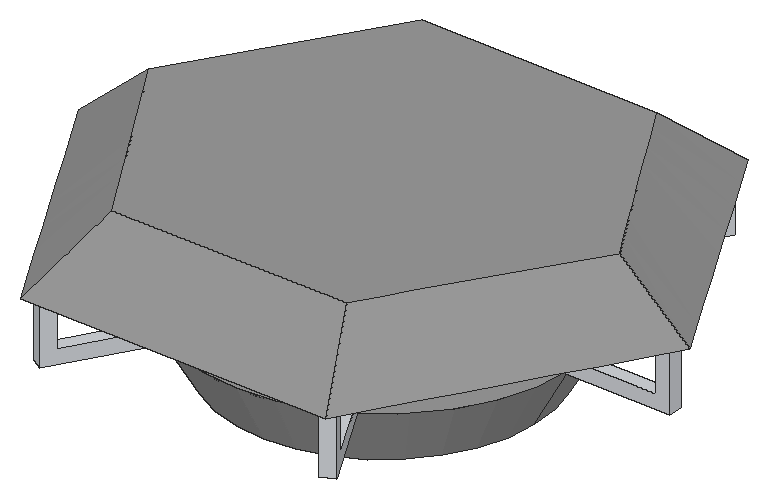
Revit family "ВЕЗА_ЗОНТ-ОСА", category Обобщенные модели, Revit 2018
Family settings
  Может служить основой для арматурных стержней = Нет
  Размер круглого соединителя = Использовать диаметр
  Тип детали = Нормальный
  На основе рабочей плоскости = Нет
  Всегда вертикально = Да
  При загрузке вырезать с полостями = Нет
  Общий = Да
  Точка расчета площади = Нет
Parameters (values of type "ЗОНТ-ОСА-040-Н")
  Ширина опоры = 20 mm  # constant formula
  Угол поворота УГО [instance] = 0.00°
  Типоразмер ОСА [instance] = ВЕЗА_Типоразмер  # 40
  Таблица_обозначение = "ЗОНТ-ОСА_обозначение"  # constant formula
  Таблица_наименование = "ЗОНТ-ОСА"  # constant formula
  Материал = ВЕЗА_Сталь
  Масштаб УГО [instance] = 100
  Manufacturer = ""
  Длина ножек [instance] = (ADSK_Размер_Ширина - D2) / 2  # 170 mm
  Высота опоры [instance] = ADSK_Размер_Высота / 3  # 86.667 mm
  ВЕЗА_Типоразмер = 40
  ВЕЗА_Контакты = "bim@veza.ru"  # constant formula
  ВЕЗА_Классификатор = "47022"  # constant formula
  URL = "http://www.veza.ru/docs/ventilyatory-osevye-osa/"
  D2 [instance] = D + 100 mm  # 530 mm
  D [instance] = size_lookup(Таблица_наименование, "D", 0 mm, ВЕЗА_Типоразмер)  # 430 mm
  ADSK_Расход воздуха [instance] = 140.0 L/s
  ADSK_Размер_Ширина [instance] = size_lookup(Таблица_наименование, "ADSK_Размер_Ширина", 0 mm, ВЕЗА_Типоразмер)  # 870 mm
  ADSK_Размер_Глубина [instance] = size_lookup(Таблица_наименование, "ADSK_Размер_Глубина", 0 mm, ВЕЗА_Типоразмер)  # 753 mm
  ADSK_Размер_Высота [instance] = size_lookup(Таблица_наименование, "ADSK_Размер_Высота", 0 mm, ВЕЗА_Типоразмер)  # 260 mm
  ADSK_Обозначение = ""
  ADSK_Наименование краткое = "ЗОНТ-ОСА"  # constant formula
  ADSK_Наименование = size_lookup(Таблица_наименование, "ADSK_Наименование", "Неопределенно", ВЕЗА_Типоразмер, ADSK_Материал наименование)  # "Защита ЗОНТ-ОСА для осевого вентилятора ОСА типоразмера 040"
  ADSK_Материал наименование = "Нержавеющая сталь"
  ADSK_Масса [instance] = size_lookup(Таблица_наименование, "ADSK_Масса", 0, ВЕЗА_Типоразмер)  # 11.2
  ADSK_Марка [instance] = size_lookup(Таблица_обозначение, "", "Неопределенно", ВЕЗА_Типоразмер, ADSK_Материал наименование)  # "ЗОНТ-ОСА-040-Н"
  ADSK_Комплект [instance] = ""
  ADSK_Количество = 1
  ADSK_Код изделия = ""
  ADSK_Завод-изготовитель = "ООО ''ВЕЗА''"  # constant formula
  ADSK_Единица измерения = "шт."  # constant formula
  ADSK_Дата изменения = "28.08.2020"  # constant formula
  ADSK_Группирование [instance] = ""
  ADSK_Версия семейства = "2.0"  # constant formula
  ADSK_Версия Revit = "Revit2018"  # constant formula
Reference planes
  plane 1 "По центру (Вперед/Назад)": y = 0
  plane 2: z = 0
  plane 3 "По центру (Влево/Вправо)": x = 0
  plane 4: z = 260
  plane 5: x = -435
  plane 6: y = 376.5
  plane 7: y = -376.5
  plane 8: x = 435
  plane 9: x = 217.5
  plane 10: x = -217.5
  plane 11: y = -188.25
  plane 12: y = 188.25
  plane 13: x = -335
  plane 14: y = -276.5
  plane 15: x = 335
  plane 16: y = 276.5
  plane 17: x = -167.5
  plane 18: x = 167.5
  plane 19: y = -138.25
  plane 20: y = 138.25
  plane 21: z = 173.333
  plane 22: z = 86.667
  plane 23: z = 106.667
  plane 24: x = -415
  plane 25: x = -395
  plane 26: x = 415
  plane 27: x = 395
  plane 28: x = -237.5
  plane 29: x = 237.5
  plane 30: y = 10
  plane 31: y = -10
  plane 32: through (0, 0, 1200) normal (-0.866, 0.5, 0)
  plane 33: through (-8.66, 5, 1200) normal (-0.866, 0.5, 0)
  plane 34: through (8.66, -5, 1200) normal (-0.866, 0.5, 0)
  plane 35: through (226.16, 371.721, 1200) normal (-0.5, -0.866, 0)
  plane 36: through (-10.588, 6.113, 1200) normal (-0.5, -0.866, 0)
  plane 37: through (-208.84, -381.721, 1200) normal (-0.5, -0.866, 0)
  plane 38: through (-198.84, -364.401, 1200) normal (-0.5, -0.866, 0)
  plane 39: through (216.16, 354.401, 1200) normal (-0.5, -0.866, 0)
  plane 40: through (-198.84, -364.401, 1200) normal (-0.5, -0.866, 0)
  plane 41: through (0, 0, 1200) normal (-0.866, -0.5, 0)
  plane 42: through (8.66, 5, 1200) normal (-0.866, -0.5, 0)
  plane 43: through (-8.66, -5, 1200) normal (-0.866, -0.5, 0)
  plane 44: through (208.84, -381.721, 1200) normal (-0.5, 0.866, 0)
  plane 45: through (198.84, -364.401, 1200) normal (-0.5, 0.866, 0)
  plane 46: through (-226.16, 371.721, 1200) normal (-0.5, 0.866, 0)
  plane 47: through (-216.16, 354.401, 1200) normal (-0.5, 0.866, 0)
  plane 48: through (10.588, 6.113, 1200) normal (-0.5, 0.866, 0)
Forms (mm)
  Blend 1, solid, material "ВЕЗА_Сталь" <- "Материал", detail levels medium+fine
    base sketch origin (0, 0, 0) x (1, 0, 0) y (0, 1, 0)
      loop
        line (217.5, 376.5) -> (-217.5, 376.5) -> (-435, 0) -> (-217.5, -376.5) -> (217.5, -376.5) -> (435, 0) -> (217.5, 376.5)
    top sketch origin (0, 0, 0) x (1, 0, 0) y (0, 1, 0)
      loop
        line (167.5, 276.5) -> (-167.5, 276.5) -> (-335, 0) -> (-167.5, -276.5) -> (167.5, -276.5) -> (335, 0) -> (167.5, 276.5)
    from 173.333 to 260
  Blend 2, solid, material "ВЕЗА_Сталь" <- "Материал", detail levels medium+fine
    base sketch origin (0, 0, 0) x (1, 0, 0) y (0, 1, 0)
      loop
        circle (0, 0) r 215
    top sketch origin (0, 0, 0) x (1, 0, 0) y (0, 1, 0)
      loop
        circle (0, 0) r 265
    from 0 to 86.667
Lines and regions (mm)
  reference lines
    curve 1: line (0, 0, 0) -> (780, 0, 0)
Dimensions and locks
  "ADSK_Размер_Высота": plane 4 to level
  equal spacing: plane 5, plane 3 "По центру (Влево/Вправо)", plane 8
  "ADSK_Размер_Ширина": plane 5 to plane 8
  equal spacing: plane 7, plane 1 "По центру (Вперед/Назад)", plane 6
  "ADSK_Размер_Глубина": plane 7 to plane 6
  equal spacing: plane 5, plane 10, plane 3 "По центру (Влево/Вправо)"
  equal spacing: plane 3 "По центру (Влево/Вправо)", plane 9, plane 8
  equal spacing: plane 7, plane 11, plane 1 "По центру (Вперед/Назад)"
  equal spacing: plane 1 "По центру (Вперед/Назад)", plane 12, plane 6
  equal spacing: plane 13, plane 3 "По центру (Влево/Вправо)", plane 15
  plane 13 to plane 15 = 670 mm
  equal spacing: plane 14, plane 1 "По центру (Вперед/Назад)", plane 16
  plane 14 to plane 16 = 553 mm
  equal spacing: plane 13, plane 17, plane 3 "По центру (Влево/Вправо)"
  equal spacing: plane 3 "По центру (Влево/Вправо)", plane 18, plane 15
  equal spacing: plane 1 "По центру (Вперед/Назад)", plane 19, plane 14
  equal spacing: plane 1 "По центру (Вперед/Назад)", plane 20, plane 16
  equal spacing: plane 4, plane 21, plane 22, level
  locked: plane 24 to plane 5 at 20
  "Ширина опоры": plane 25 to plane 24
  "Ширина опоры": plane 27 to plane 26
  locked: plane 26 to plane 8 at 20
  "Ширина опоры": plane 23 to plane 22
  "Ширина опоры": plane 10 to plane 28
  "Ширина опоры": plane 9 to plane 29
  equal spacing: plane 30, plane 1 "По центру (Вперед/Назад)", plane 31
  "Ширина опоры": plane 30 to plane 31
  equal spacing: plane 33, plane 32, plane 34
  "Ширина опоры": plane 33 to plane 34
  equal spacing: plane 37, plane 36, plane 35
  "ADSK_Размер_Ширина": plane 37 to plane 35
  locked: plane 38 to plane 37 at 20
  locked: plane 39 to plane 35 at 20
  equal spacing: plane 42, plane 41, plane 43
  locked: plane 45 to plane 44 at 20
  "Ширина опоры": plane 43 to plane 42
  locked: plane 47 to plane 46 at 20
  equal spacing: plane 44, plane 48, plane 46
  "ADSK_Размер_Ширина": plane 44 to plane 46
  "D": diameter of Blend 2 sketch curve
  "D2": diameter of Blend 2 sketch curve
  locked: plane 1 "По центру (Вперед/Назад)" to plane 32 (angle 60.00°)
  locked: plane 36 to plane 1 "По центру (Вперед/Назад)" (angle 30.00°)
  locked: plane 36 to plane 48 (angle 60.00°)
  locked: plane 1 "По центру (Вперед/Назад)" to plane 48 (angle 30.00°)
  "Угол поворота УГО": angle plane 1 "По центру (Вперед/Назад)" to curve 1
  aligned and locked: level to plane 2
  aligned and locked: plane 7 to Blend 1 sketch curve
  aligned and locked: plane 6 to Blend 1 sketch curve
  aligned and locked: plane 8 to Blend 1 sketch curve
  aligned and locked: plane 5 to Blend 1 sketch curve
  aligned and locked: plane 16 to Blend 1 sketch curve
  aligned and locked: plane 14 to Blend 1 sketch curve
  aligned and locked: plane 15 to Blend 1 sketch curve
  aligned and locked: plane 13 to Blend 1 sketch curve
  aligned and locked: plane 4 to Blend 1
  aligned and locked: Blend 1 to plane 21
  aligned and locked: Blend 2 to level
  aligned and locked: plane 22 to Blend 2
  aligned and locked: nested 1 to plane 26
  aligned and locked: nested 1 to plane 22
  aligned and locked: plane 24 to nested 2
  aligned and locked: plane 22 to nested 2
  aligned and locked: plane 38 to nested 3
  aligned and locked: nested 4 to plane 39
  aligned and locked: nested 3 to plane 22  (x2)
  aligned and locked: plane 22 to nested 4
  aligned and locked: nested 5 to plane 45
  aligned and locked: plane 47 to nested 6
  aligned and locked: plane 22 to nested 5
  aligned and locked: nested 6 to plane 22
  aligned and locked: plane 3 "По центру (Влево/Вправо)" to nested 7  (x2)
  aligned and locked: plane 1 "По центру (Вперед/Назад)" to nested 7
  aligned and locked: plane 1 "По центру (Вперед/Назад)" to curve 1
  aligned and locked: plane 3 "По центру (Влево/Вправо)" to curve 1
  aligned and locked: nested 7 to curve 1
Automatic sketch dimensions
  Blend 1 sketch curve to plane 10 = 0 mm  (x2)
  Blend 1 sketch curve to plane 9 = 0 mm  (x2)
  plane 1 "По центру (Вперед/Назад)" to Blend 1 sketch curve = 0 mm  (x4)
  Blend 1 sketch curve to plane 17 = 0 mm  (x2)
  Blend 1 sketch curve to plane 18 = 0 mm  (x2)
  plane 1 "По центру (Вперед/Назад)" to Blend 2 sketch curve = 0 mm  (x2)
  Blend 2 sketch curve to plane 3 "По центру (Влево/Вправо)" = 0 mm  (x2)
Nested families
  nested 1: "_Ножки_Зонт_ОСА" at (245, 10, 86.667), Длина <- "Длина ножек", Толщина <- "Ширина опоры", Высота <- "Высота опоры", Материал <- "Материал", type "_Ножки_Зонт_ОСА", detail levels medium+fine
    with Толщина 20 mm, Материал ВЕЗА_Сталь, Длина 170 mm, Высота 86.667 mm
  nested 2: "_Ножки_Зонт_ОСА" at (-245, 10, 86.667) x (-1, 0, 0) z (0, 0, 1), Длина <- "Длина ножек", Толщина <- "Ширина опоры", Высота <- "Высота опоры", Материал <- "Материал", type "_Ножки_Зонт_ОСА", detail levels medium+fine
    with Толщина 20 mm, Материал ВЕЗА_Сталь, Длина 170 mm, Высота 86.667 mm
  nested 3: "_Ножки_Зонт_ОСА" at (-216.16, -354.401, 86.667) x (0.5, 0.866, 0) z (0, 0, 1), Высота <- "Высота опоры", Длина <- "Длина ножек", Толщина <- "Ширина опоры", Материал <- "Материал", type "_Ножки_Зонт_ОСА", detail levels medium+fine
    with Толщина 20 mm, Материал ВЕЗА_Сталь, Длина 170 mm, Высота 86.667 mm
  nested 4: "_Ножки_Зонт_ОСА" at (198.84, 364.401, 86.667) x (-0.5, -0.866, 0) z (0, 0, 1), Высота <- "Высота опоры", Длина <- "Длина ножек", Толщина <- "Ширина опоры", Материал <- "Материал", type "_Ножки_Зонт_ОСА", detail levels medium+fine
    with Толщина 20 mm, Материал ВЕЗА_Сталь, Длина 170 mm, Высота 86.667 mm
  nested 5: "_Ножки_Зонт_ОСА" at (216.16, -354.401, 86.667) x (-0.5, 0.866, 0) z (0, 0, 1), Высота <- "Высота опоры", Длина <- "Длина ножек", Толщина <- "Ширина опоры", Материал <- "Материал", type "_Ножки_Зонт_ОСА", detail levels medium+fine
    with Толщина 20 mm, Материал ВЕЗА_Сталь, Длина 170 mm, Высота 86.667 mm
  nested 6: "_Ножки_Зонт_ОСА" at (-198.84, 364.401, 86.667) x (0.5, -0.866, 0) z (0, 0, 1), Высота <- "Высота опоры", Длина <- "Длина ножек", Толщина <- "Ширина опоры", Материал <- "Материал", type "_Ножки_Зонт_ОСА", detail levels medium+fine
    with Толщина 20 mm, Материал ВЕЗА_Сталь, Длина 170 mm, Высота 86.667 mm
  nested 7: "ВЕЗА_УГО_Зонт_2D" at (0, 0, 0), Высота модели <- "ADSK_Размер_Высота", Длина модели <- "ADSK_Размер_Ширина", Ширина модели <- "ADSK_Размер_Глубина", Масштаб УГО <- "Масштаб УГО", D <- "D", type "ВЕЗА_УГО_Зонт_2D", detail levels coarse
    with Ширина_ном 753 mm, Ширина модели 753 mm, Прямоугольный зонт no, Масштаб УГО 100, Круглый зонт yes, Длина_ном 870 mm, Длина модели 870 mm, Высота_ном 260 mm, Высота модели 260 mm, D_1 516 mm, D 430 mm
  nested 8: "ВЕЗА_УГО_Зонт_3D" at (0, 0, 0), Высота модели <- "ADSK_Размер_Высота", Ширина модели <- "ADSK_Размер_Ширина", Масштаб УГО <- "Масштаб УГО", type "ВЕЗА_УГО_Зонт_3D", detail levels coarse
    with Ширина_ном 870 mm, Ширина модели 870 mm, Масштаб УГО 100, Высота_ном 260 mm, Высота модели 260 mm
Connectors
  hvac at (0, 0, 0), driven by "D", driven by "ADSK_Расход воздуха"
    settings: on Blend 2, index 1, duct flow 140.0 L/s, flow factor 0, pres drop 0.0 Pa, loss coef 0, conn angle 0.00°, conn width 304.8 mm, conn height 304.8 mm, conn diameter 430 mm, duct sys type 29, conn prof type 0, flow config 0, flow direction 0, loss method 0, conn ref index -1, conn util no, is conn primary yes, conn desc ""
Definition of nested family "_Ножки_Зонт_ОСА"
  Parameters (values of type "_Ножки_Зонт_ОСА")
    Толщина [instance] = 20 mm
    Материал [instance] = none
    Длина [instance] = 200 mm
    Высота [instance] = 100 mm
  Reference planes
    plane 1 "По центру (Вперед/Назад)": y = 0
    plane 2: z = 0
    plane 3 "По центру (Влево/Вправо)": x = 0
    plane 4: x = 200
    plane 5: z = 100
    plane 6: x = 180
    plane 7: x = 20
    plane 8: z = 20
    plane 9: y = -20
  Forms (mm)
    Extrusion 1, solid
      sketch origin (0, 0, 0) x (1, 0, 0) y (0, 0, 1)
        loop
          line (0, 100) -> (0, 0) -> (200, 0) -> (200, 100) -> (180, 100) -> (180, 20) -> (20, 20) -> (20, 100) -> (0, 100)
      from 0 to 20
  Dimensions and locks
    "Длина": plane 4 to plane 3 "По центру (Влево/Вправо)"
    "Высота": plane 5 to level
    "Толщина": plane 7 to plane 3 "По центру (Влево/Вправо)"
    "Толщина": plane 4 to plane 6
    "Толщина": plane 8 to level
    "Толщина": plane 9 to plane 1 "По центру (Вперед/Назад)"
    aligned and locked: level to plane 2
    aligned and locked: plane 5 to Extrusion 1 sketch curve  (x2)
    aligned and locked: plane 8 to Extrusion 1 sketch curve
    aligned and locked: Extrusion 1 sketch curve to level
    aligned and locked: plane 4 to Extrusion 1 sketch curve
    aligned and locked: Extrusion 1 sketch curve to plane 6
    aligned and locked: plane 7 to Extrusion 1 sketch curve
    aligned and locked: Extrusion 1 sketch curve to plane 3 "По центру (Влево/Вправо)"
    aligned and locked: Extrusion 1 to plane 1 "По центру (Вперед/Назад)"
    aligned and locked: Extrusion 1 to plane 9
Definition of nested family "ВЕЗА_УГО_Зонт_3D"
  Parameters (values of type "ВЕЗА_УГО_Зонт_3D")
    Ширина модели [instance] = 60 mm
    Default Elevation = 1219.2 mm
    Масштаб УГО [instance] = 100
    Высота модели [instance] = 40 mm
    Ширина_ном [instance] = Ширина модели * Масштаб УГО / 100  # 60 mm
    Высота_ном [instance] = Высота модели * Масштаб УГО / 100  # 40 mm
  Reference planes
    plane 1 "По центру (Вперед/Назад)": y = 0
    plane 2: z = 0
    plane 3 "По центру (Влево/Вправо)": x = 0
    plane 4: x = -30
    plane 5: x = 30
    plane 6: z = 20
    plane 7: z = 40
    plane 8: y = 30
    plane 9: y = -30
    plane 10: x = -0.5
    plane 11: x = 0.5
    plane 12: z = 55
    plane 13: y = 0.5
    plane 14: y = -0.5
  Forms (mm)
    Extrusion 1, solid
      sketch origin (0, 0, 0) x (1, 0, 0) y (0, 0, 1)
        loop
          line (-0.5, 40) -> (-0.5, 0) -> (0.5, 0) -> (0.5, 40) -> (-0.5, 40)
      from -0.5 to 0.5
    Sweep 2, solid
      path origin (0, 0, 0) x (1, 0, 0) y (0, 0, 1)
        loop
          line (30, 20) -> (0, 40) -> (-30, 20)
      profile origin (-15, 0, 30) x (0.5547, 0, -0.83205) y (0, -1, 0)
        loop
          line (0, 0.5) -> (0, -0.5) -> (1, -0.5) -> (1, 0.5) -> (0, 0.5)
  Dimensions and locks
    equal spacing: plane 5, plane 3 "По центру (Влево/Вправо)", plane 4
    "Ширина_ном": plane 5 to plane 4
    equal spacing: plane 8, plane 1 "По центру (Вперед/Назад)", plane 9
    "Ширина_ном": plane 8 to plane 9
    equal spacing: plane 7, plane 6, plane 2
    plane 11 to plane 3 "По центру (Влево/Вправо)" to plane 10 = 0.5 mm, 0.5 mm
    plane 13 to plane 14 = 1 mm
    "Высота_ном": plane 7 to plane 2
    aligned and locked: level to plane 2
    aligned and locked: plane 10 to Extrusion 1 sketch curve
    aligned and locked: plane 11 to Extrusion 1 sketch curve
    aligned and locked: Extrusion 1 sketch curve to plane 7
    aligned and locked: plane 2 to Extrusion 1 sketch curve
    aligned and locked: plane 4 to Sweep 2 sketch curve
    aligned and locked: plane 6 to Sweep 2 sketch curve  (x2)
    aligned and locked: plane 7 to Sweep 2 sketch curve
    aligned and locked: plane 5 to Sweep 2 sketch curve
  Automatic sketch dimensions
    Sweep 2 sketch curve to plane 13 = 0 mm
    Sweep 2 sketch curve to profile plane = 0 mm
    Sweep 2 sketch curve to plane 14 = 0 mm
    Sweep 2 sketch curve to plane 3 "По центру (Влево/Вправо)" = 0 mm
    Sweep 2 sketch curve to profile plane = 1 mm
Definition of nested family "ВЕЗА_УГО_Зонт_2D"
  Parameters (values of type "ВЕЗА_УГО_Зонт_2D")
    Ширина модели [instance] = 40 mm
    Масштаб УГО [instance] = 100
    Длина модели [instance] = 50 mm
    Высота модели [instance] = 56 mm
    D_1 [instance] = D * 1.2 * Масштаб УГО / 100  # 60 mm
    Круглый зонт [instance] = not(Прямоугольный зонт)  # no
    Прямоугольный зонт [instance] = yes
    Ширина_ном [instance] = Ширина модели * Масштаб УГО / 100  # 40 mm
    Длина_ном [instance] = Длина модели * Масштаб УГО / 100  # 50 mm
    Высота_ном [instance] = Высота модели * Масштаб УГО / 100  # 56 mm
    D [instance] = 50 mm
  Reference planes
    plane 1 "По центру (Вперед/Назад)": y = 0
    plane 2: z = 0
    plane 3 "По центру (Влево/Вправо)": x = 0
    plane 4: z = 56
    plane 5: x = -25
    plane 6: x = 25
    plane 7: z = 28
    plane 8: z = 56
    plane 9: y = 20
    plane 10: y = -20
  Lines and regions (mm)
    symbolic lines, visible <- "Круглый зонт", detail levels coarse
      curve 1: circle (0, 0, 0) r 30 normal (0, 0, 1)
    symbolic lines
      curve 2: line (0, 0, 0) -> (0, 0, 56)
      curve 3: line (0, 0, 56) -> (0, 20, 28)
      curve 4: line (0, 0, 56) -> (0, -20, 28)
      curve 5: line (0, 0, 0) -> (0, 0, 56)
      curve 6: line (0, 0, 56) -> (-25, 0, 28)
      curve 7: line (0, 0, 56) -> (25, 0, 28)
    symbolic lines, visible <- "Прямоугольный зонт"
      curve 8: line (-25, 20, 0) -> (25, 20, 0)
      curve 9: line (-25, -20, 0) -> (-25, 20, 0)
      curve 10: line (25, -20, 0) -> (-25, -20, 0)
      curve 11: line (25, 20, 0) -> (25, -20, 0)
  Dimensions and locks
    "Высота_ном": plane 4 to plane 2
    equal spacing: plane 6, plane 3 "По центру (Влево/Вправо)", plane 5
    "Длина_ном": plane 6 to plane 5
    equal spacing: plane 9, plane 1 "По центру (Вперед/Назад)", plane 10
    "Ширина_ном": plane 9 to plane 10
    equal spacing: plane 8, plane 7, plane 2
    "D_1": diameter of curve 1
    aligned and locked: level to plane 2
    aligned and locked: plane 1 "По центру (Вперед/Назад)" to curve 1
    aligned and locked: plane 3 "По центру (Влево/Вправо)" to curve 1
  Automatic sketch dimensions
    curve 2 to level = 0 mm
    curve 3 to plane 7 = 0 mm
    curve 3 to plane 9 = 0 mm
    curve 4 to plane 7 = 0 mm
    curve 4 to plane 10 = 0 mm
    curve 4 to plane 1 "По центру (Вперед/Назад)" = 0 mm
    curve 4 to plane 4 = 0 mm
    curve 5 to level = 0 mm
    curve 6 to plane 5 = 0 mm
    curve 6 to plane 7 = 0 mm
    curve 7 to plane 6 = 0 mm
    curve 7 to plane 7 = 0 mm
    curve 6 to plane 3 "По центру (Влево/Вправо)" = 0 mm
    curve 7 to plane 4 = 0 mm
    curve 8 to plane 5 = 0 mm
    curve 8 to plane 6 = 0 mm
    plane 10 to curve 10 = 0 mm
    plane 9 to curve 8 = 0 mm
Types in the file's own list only (21): name | Ширина опоры | ВЕЗА_Типоразмер | ADSK_Наименование | ADSK_Материал наименование
  ЗОНТ-ОСА-045-Н | 20 мм | 45 | "Защита ЗОНТ-ОСА для осевого вентилятора ОСА типоразмера 045" | "Нержавеющая сталь"
  ЗОНТ-ОСА-050-Н | 20 мм | 50 | "Защита ЗОНТ-ОСА для осевого вентилятора ОСА типоразмера 050" | "Нержавеющая сталь"
  ЗОНТ-ОСА-056-Н | 20 мм | 56 | "Защита ЗОНТ-ОСА для осевого вентилятора ОСА типоразмера 056" | "Нержавеющая сталь"
  ЗОНТ-ОСА-063-Н | 20 мм | 63 | "Защита ЗОНТ-ОСА для осевого вентилятора ОСА типоразмера 063" | "Нержавеющая сталь"
  ЗОНТ-ОСА-071-Н | 20 мм | 71 | "Защита ЗОНТ-ОСА для осевого вентилятора ОСА типоразмера 071" | "Нержавеющая сталь"
  ЗОНТ-ОСА-080-Н | 20 мм | 80 | "Защита ЗОНТ-ОСА для осевого вентилятора ОСА типоразмера 080" | "Нержавеющая сталь"
  ЗОНТ-ОСА-090-Н | 20 мм | 90 | "Защита ЗОНТ-ОСА для осевого вентилятора ОСА типоразмера 090" | "Нержавеющая сталь"
  ЗОНТ-ОСА-100-Н | 20 мм | 100 | "Защита ЗОНТ-ОСА для осевого вентилятора ОСА типоразмера 100" | "Нержавеющая сталь"
  ЗОНТ-ОСА-112-Н | 20 мм | 112 | "Защита ЗОНТ-ОСА для осевого вентилятора ОСА типоразмера 112" | "Нержавеющая сталь"
  ЗОНТ-ОСА-125-Н | 20 мм | 125 | "Защита ЗОНТ-ОСА для осевого вентилятора ОСА типоразмера 125" | "Нержавеющая сталь"
  ЗОНТ-ОСА-040-Ц | 20 мм | 40 | "Защита ЗОНТ-ОСА для осевого вентилятора ОСА типоразмера 040" | "Оцинкованная сталь"
  ЗОНТ-ОСА-045-Ц | 20 мм | 45 | "Защита ЗОНТ-ОСА для осевого вентилятора ОСА типоразмера 045" | "Оцинкованная сталь"
  ЗОНТ-ОСА-050-Ц | 20 мм | 50 | "Защита ЗОНТ-ОСА для осевого вентилятора ОСА типоразмера 050" | "Оцинкованная сталь"
  ЗОНТ-ОСА-056-Ц | 20 мм | 56 | "Защита ЗОНТ-ОСА для осевого вентилятора ОСА типоразмера 056" | "Оцинкованная сталь"
  ЗОНТ-ОСА-063-Ц | 20 мм | 63 | "Защита ЗОНТ-ОСА для осевого вентилятора ОСА типоразмера 063" | "Оцинкованная сталь"
  ЗОНТ-ОСА-071-Ц | 20 мм | 71 | "Защита ЗОНТ-ОСА для осевого вентилятора ОСА типоразмера 071" | "Оцинкованная сталь"
  ЗОНТ-ОСА-080-Ц | 20 мм | 80 | "Защита ЗОНТ-ОСА для осевого вентилятора ОСА типоразмера 080" | "Оцинкованная сталь"
  ЗОНТ-ОСА-090-Ц | 20 мм | 90 | "Защита ЗОНТ-ОСА для осевого вентилятора ОСА типоразмера 090" | "Оцинкованная сталь"
  ЗОНТ-ОСА-100-Ц | 20 мм | 100 | "Защита ЗОНТ-ОСА для осевого вентилятора ОСА типоразмера 100" | "Оцинкованная сталь"
  ЗОНТ-ОСА-112-Ц | 20 мм | 112 | "Защита ЗОНТ-ОСА для осевого вентилятора ОСА типоразмера 112" | "Оцинкованная сталь"
  ЗОНТ-ОСА-125-Ц | 20 мм | 125 | "Защита ЗОНТ-ОСА для осевого вентилятора ОСА типоразмера 125" | "Оцинкованная сталь"
